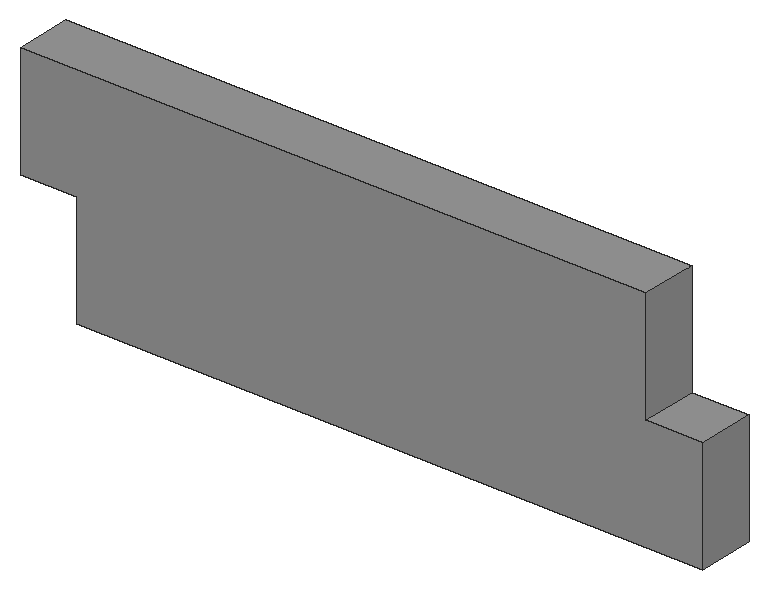
Revit family "Stonepanel_Sahara_ESP", category Modelos genéricos, Revit 2015
Parameters (values of type "Stonepanel® SKY Sahara")
  Ventajas de Stonepanel = "Eficaz: Instalación ágil y sencilla : 10 veces más rápido que la mampostería tradicional (Ritmo medio de colocación de 20 m2/día). Mayor rentabilidad gracias al menor desperdicio de material en obra y a la durabilidad de un producto natural frente a otros revestimientos. La colocación de los paneles no requiere mano de obra ni maquinaria especializada.\r\nSeguro: Un sistema de anclaje patentado, de acero inoxidable, que permite su instalación a más de 2 metros de altura. Base de cemento homogénea y rugosa que garantiza la adhesión y permite el corte sin desprendimiento.\r\nCalidad: Control permanente del proceso de producción desde la oficina I+D+I. Una cuidada selección de piedra natural realizada por los expertos de CUPASTONE. Disponibilidad de piezas especiales para adaptarse perfectamente a cada edificio: esquinas (macizas, rectas, dobles o para ventanas), cubremuros, y otros complementarios.\r\nEstética: Forma de “S” que evita la visión de las juntas para homogenizar el aspecto final. Gran variedad de paneles para elegir entre colores y acabados de piedra natural. La propia belleza y exclusividad de la piedra natural: Cada piedra es\r\núnica."
  Usos Indicados = "Revestimiento de Paredes exteriores e interiores en edificaciones nuevas o rehabilitaciones"
  Uniclass 2015 = "Pr_25_71_14_56 Natural stone panels"
  Uniclass 2 = "Pr_25_71_14_56 Natural stone panels"
  URL = "http://www.cupastone.es/producto/stonepanel-sahara/"
  Sistema de anclaje = "Cinta perforada en acero inoxidable:\r\n- Naturaleza del acero: AISI 316 (1.4401) o AISI 304 (1.4301)\r\n- Espesor mínimo (mm) : 0,7\r\n- Ancho (mm) : 12 a 15\r\n- Diámetro del hueco (mm) : 6 ± 1\r\n\r\nTacos:\r\nLa elección de los tacos y clavijas de fijación debe ser realizada teniendo en cuenta la acción en depresión del viento (muros exteriores) y de la resistencia de los tacos en el soporte, en función de la naturaleza del soporte."
  Resistencia al fuego = "No combustible"
  Resistencia a la flexión = "-"
  Resistencia al hielo = "Sin alteraciones despues de 50 ciclos"
  Resistencia = "Buena resistencia"
  Peso = "10 kg"
  Oxidación = "No oxida"
  Otros datos de interés del producto = "Dispone de un anclaje para instalar a alturas superiores a 2 metros"
  Omniclass = "23-15 15 15 11"
  Número de serie = "SPZ-49R"
  NBS Reference = "45-25-45/380 Natural stone panels"
  Modelo = "Stonepanel® SKY Sahara"
  Material = "Panel de Cuarcita multicolor de tonalidades marrones con alternancia de grises. De aspecto sobrio  y rústico, transmite calidez e intemporalidad."
  Limpieza = "En general, los paneles no requieren mantenimiento y son auto- limpiantes, pero la eliminación de algunos tipos de marcas pueden requerir un tratamiento especializado.\r\nEn caso de suciedad anormal, la superficie puede limpiarse con una mezcla / detergente doméstico y agua caliente , aplicada con una almohadilla de limpieza adecuado o una esponja."
  Largo = 600 mm
  Impacto = "-"
  Imagen de tipo = <Ninguno>
  H1 = 100 mm
  Formato = "600x200"
  Forma de suministro = "Los paneles se presentan en parejas, en un embalaje plástico o en cajas de cartón de 3 o 4 piezas."
  Forma = "Forma de \"s\""
  Fabricante = "Cupastone"
  Envejecimiento por cambio térmicos = "Sin alteraciones después de 20 ciclos."
  Ensayos realizados por SINTEF = "Ensayo a los materiales de piedra, Ensayos a los paneles, Durabilidad y absorción de agua"
  Ensayos realizados por DIBt = "Adherencia entre piedra y mortero, Adherencia entre piedra y mortero tras 50 ciclos de hielo-deshielo"
  Ensayos realizados por BBA = "Resistencia a daños por heladicidad, Resistencia a choque térmico, Adherencia entre piedra y mortero, Resistencia al arrancamiento del anclaje, Resistencia a impacto"
  Ensayos realizados por Avis Technique = "Resistencia mecánica del anclaje, Resistencia mecánica de la cinta de seguridad, Ensayo de durabilidad tras la acción del agua, Ensayo de durabilidad tras la acción del hielo, Ensayo sísmico"
  Durabilidad = "Según el certificado BBA, el sistema tiene una vida de diseño superior a 30 años."
  Detalles constructivos = "Detalles de:\r\n- Instalación con perfil metálico\r\n- Instalación de Stonepanel\r\n- Instalación en muro interior\r\n- Instalación del elemento de seguridad (cinta perforada + tacos)\r\n- Esquinas entrantes\r\n- Esquinas salientes\r\n- Esquinas salientes pre-fabricadas\r\n- Esquinas salientes mediante serrado del panel\r\n- Esquinas salientes sin continuidad de Stonepanel (caso de una fachada lateral)\r\n- Bordes superiores\r\n- Sobre parapeto\r\n- Marco de vano"
  Desfase de altura = 0 mm
  Descripción = "Pieza de piedra natural montada sobre una base de cemento y reforzada con una malla de fibra de vidrio .\r\nPosee sistema de anclaje patentado, de acero inoxidable, que permite su instalación a más de 2 metros de altura"
  Densidad aparente = "96 kg/m2"
  Color secundario = "Gris"
  Color principal = "Marrón"
  Certificaciones = "BBA - Reino Unido, Avis Technique - Francia, DIBt - Alemania, SINTEF - Noruega"
  Aspecto = "Tradicional"
  Ancho = 50 mm
  Alto = 200 mm
  Adherencia del mortero = ">1N/mm2"
  Acabado = "Natural"
  Absorción = "Baja absorción"
Reference planes
  plane 1 "Muro": y = 0
  plane 2 "Centro (Izquierda/Derecha)": x = 125
  plane 3 "Posterior": y = 75
Forms (mm)
  Extrusion 1, solid, material "Stonepanel® SKY Sahara"
    sketch origin (0, 160, 1120) x (1, 0, 0) y (0, 0, 1)
      loop
        line (125, -1120) -> (125, -1020) -> (75, -1020) -> (75, -920) -> (-475, -920) -> (-475, -1020) -> (-425, -1020) -> (-425, -1120) -> (125, -1120)
    from 35 to 85
Text (mm)
  text "Cara de colocación" at (-1848.837, 1116.779, 0), in view "Nivel de referencia"
  text "Cara de colocación" at (0, 1409.804, 2854.306), in view "Izquierda"
  text "Cara de colocación" at (0, 499.811, 2980.732), in view "Derecha"
Dimensions and locks
  locked: plane 3 "Posterior" to host wall
  locked: Extrusion 1 to plane 3 "Posterior" at 0
  "Ancho": Extrusion 1 to Extrusion 1
  "Largo": Extrusion 1 to Extrusion 1
  "H1": Extrusion 1 to Extrusion 1
  "H1": level to Extrusion 1
  "Desfase de altura": level to Extrusion 1
  locked: Extrusion 1 to Extrusion 1 at 50  (x2)
  "Alto": Extrusion 1 to Extrusion 1
  aligned and locked: plane 1 "Muro" to host wall
Automatic sketch dimensions
  level to Extrusion 1 sketch curve = 0 mm
  Extrusion 1 sketch curve to plane 2 "Centro (Izquierda/Derecha)" = 0 mm
  Extrusion 1 sketch curve to plane 2 "Centro (Izquierda/Derecha)" = 50 mm
  Extrusion 1 sketch curve to Extrusion 1 sketch curve = 500 mm
  Extrusion 1 sketch curve to Extrusion 1 sketch curve = 50 mm
  level to Extrusion 1 sketch curve = 100 mm  (x2)
  Extrusion 1 sketch curve to Extrusion 1 sketch curve = 100 mm
